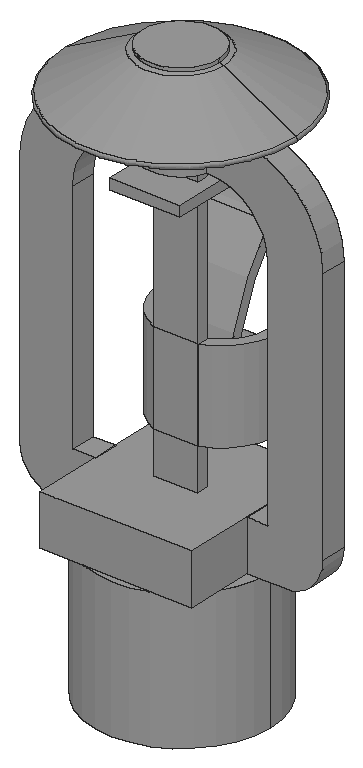
Revit family
Parameters (values of type "RASCO G CONVENTIONAL")
  Temperature Rating = 212 °F
  Response = (empty or 0)
  RASCO SIN # = "R1075"
  RASCO Part # = "GC2B"
  Pressure Rating = "175 PSI"
  Pressure Class = (empty or 0)
  Orifice Size = 1/2"
  Orifice = (empty or 0)
  Model = "G"
  Manufacturer = "RASCO"
  K-Factor = 5.62
  Description = "Bronze Finish"
  Coverage = (empty or 0)
Reference planes (in)
  plane 1 "Center (Front/Back)": y = 0
  plane 2: z = 0
  plane 3 "Center (Left/Right)": x = 0
Dimensions and locks (in)
  aligned and locked: plane 2 to level
Nested families (in)
  nested 1: "GC2B" at (0, 0, 0), type "RASCO G CONVENTIONAL"
Connectors (in)
  piping at (0, 0, 0)
    settings: on nested 1, index 1, connector radius 0.43", flow factor 0, pipe flow 0 GPM, pressure drop 0.00 psi, fitting loss kfactor 0, connector angle 0.00°, fixture units 0, flow configuration 0, flow direction 0, fitting loss method 0, system type 7, connector reference index -1, connector utility 0, adjustable connector no, is connector primary yes, fitting loss table "", connector description ""
Definition of nested family "GC2B"
  Parameters (values of type "RASCO G CONVENTIONAL")
    Type Comments = ""
    Temperature Rating = 0 °F
    Response = (empty or 0)
    Pressure Rating = "0"
    Pressure Class = (empty or 0)
    Orifice Size = 0"
    Orifice = (empty or 0)
    Model = ""
    Manufacturer = ""
    K-Factor = 0
    Description = ""
    Coverage = (empty or 0)
    Assembly Code = ""
  Reference planes (in)
    plane 1 "Center (Front/Back)": y = 0
    plane 2: z = 0
    plane 3 "ref.2": z = 0.6875
    plane 4 "ref.3": z = 0.9375
    plane 5: x = -0.38065
    plane 6: x = 0.36935
    plane 7 "ref. side 1": y = 0.06402
    plane 8 "ref. side 2": y = -0.06098
    plane 9 "ref.4": z = 1.875
    plane 10 "ref.5": z = 2.875
    plane 11 "center": x = -0.00574
  Forms (in)
    Extrusion 1, solid, material "Default"
      sketch origin (0, 0, 0) x (1, 0, 0) y (0, 1, 0)
        loop
          circle (0, 0) r 0.438
      from 0 to 0.6875
    Extrusion 2, solid, material "Default"
      sketch origin (-0.12185, 0.05177, 0.6875) x (1, 0, 0) y (0, 1, 0)
        loop
          line (-0.2588, 0.356) -> (-0.2588, -0.4565) -> (0.4912, -0.4565) -> (0.4912, 0.356) -> (-0.2588, 0.356)
      from 0 to 0.25
    Extrusion 3, solid, material "Default"
      sketch origin (0, 0, 0) x (1, 0, 0) y (0, 0, 1)
        loop
          line (-0.49248, 0.9375) -> (-0.49248, 2.10276)
          arc (-0.49248, 2.10276) -> (-0.40724, 2.30855) -> (-0.20145, 2.39379) r 0.29103
          line (-0.20145, 2.39379) -> (0.18108, 2.39379)
          arc (0.18108, 2.39379) -> (0.38905, 2.30765) -> (0.47519, 2.09969) r 0.29411
          line (0.47519, 2.09969) -> (0.47519, 0.9375) -> (0.36935, 0.9375) -> (0.36935, 0.6875) -> (0.55741, 0.6875)
          arc (0.55741, 0.6875) -> (0.69165, 0.7431) -> (0.74725, 0.87734) r 0.18984
          line (0.74725, 0.87734) -> (0.74725, 2.14825)
          arc (0.74725, 2.14825) -> (0.61669, 2.46344) -> (0.3015, 2.594) r 0.44574
          line (0.3015, 2.594) -> (-0.30719, 2.594)
          arc (-0.30719, 2.594) -> (-0.62225, 2.46349) -> (-0.75275, 2.14843) r 0.44556
          line (-0.75275, 2.14843) -> (-0.75275, 0.87876)
          arc (-0.75275, 0.87876) -> (-0.69673, 0.74352) -> (-0.56149, 0.6875) r 0.19126
          line (-0.56149, 0.6875) -> (-0.38065, 0.6875) -> (-0.38065, 0.9375) -> (-0.49248, 0.9375)
      from -0.06402 to 0.06098
    Extrusion 4, solid, material "Default"
      sketch origin (-0.00199, 0, 2.4375) x (-1, 0, 0) y (0, -1, 0)
        loop
          circle (0.00574, -0.00152) r 0.1875
      from -0.04371 to 0.4375
    Revolve 5, solid, material "Default"
      sketch origin (-0.0011, 0, 0.30638) x (1, 0, 0) y (0, 0, 1)
        loop
          line (-0.00574, 2.33367) -> (-0.00574, 2.55423) -> (-0.18796, 2.55423)
          arc (-0.18796, 2.55423) -> (-0.20324, 2.55235) -> (-0.21761, 2.54682) r 0.06306
          line (-0.21761, 2.54682) -> (-0.57397, 2.35694)
          arc (-0.57397, 2.35694) -> (-0.58015, 2.34304) -> (-0.56815, 2.33367) r 0.01236
          line (-0.56815, 2.33367) -> (-0.00574, 2.33367)
        axis (-0.00574, 2.33367) -> (-0.00574, 2.55423)
      angle from 0 to 360
    Extrusion 6, solid, material "Default"
      sketch origin (0, 0, 0.9375) x (-1, 0, 0) y (0, -1, 0)
        loop
          line (-0.10175, -0.02852) -> (0.11324, -0.02852) -> (0.11324, 0.03101) -> (-0.10175, 0.03101) -> (-0.10175, -0.02852)
      from 0 to 1.45629
    Extrusion 7, solid, material "Default"
      sketch origin (-0.00574, -0.0095, -0.07537) x (0, 0, -1) y (0, -1, 0)
        loop
          line (-2.39379, 0.21198) -> (-2.39379, -0.229)
          arc (-2.39379, -0.229) -> (-2.26956, -0.41579) -> (-2.04926, -0.37342) r 0.20254
          arc (-2.04926, -0.37342) -> (-1.6599, -0.16721) -> (-1.22163, -0.12207) r 1.15319
          line (-1.22163, -0.12207) -> (-1.22163, -0.07087)
          arc (-1.22163, -0.07087) -> (-1.6782, -0.11947) -> (-2.0834, -0.33544) r 1.20419
          arc (-2.0834, -0.33544) -> (-2.24878, -0.36919) -> (-2.34279, -0.229) r 0.15154
          line (-2.34279, -0.229) -> (-2.34279, 0.21198) -> (-2.39379, 0.21198)
      from -0.17255 to 0.17398
    Extrusion 8, solid, material "Default"
      sketch origin (0, 0, 0) x (1, 0, 0) y (0, 1, 0)
        loop
          arc (0.23993, 0.23051) -> (0.19768, 0.11115) -> (0.10175, 0.02852) r 0.24647
          line (0.10175, 0.02852) -> (-0.11324, 0.02852)
          arc (-0.11324, 0.02852) -> (-0.21767, 0.12447) -> (-0.25194, 0.2621) r 0.24647
          line (-0.25194, 0.2621) -> (-0.25194, 0.40777) -> (-0.30719, 0.40777) -> (-0.30719, 0.25942)
          arc (-0.30719, 0.25942) -> (-0.25653, 0.08328) -> (-0.11324, -0.03101) r 0.30157
          line (-0.11324, -0.03101) -> (0.10175, -0.03101)
          arc (0.10175, -0.03101) -> (0.24461, 0.08262) -> (0.29574, 0.25785) r 0.30157
          line (0.29574, 0.25785) -> (0.29574, 0.40777) -> (0.23993, 0.40777) -> (0.23993, 0.23051)
      from 1.14626 to 1.59756
    Extrusion 9, solid, material "Default"
      sketch origin (-0.00574, -0.0095, -0.07537) x (0, 0, -1) y (0, -1, 0)
        loop
          circle (-1.44728, -0.26892) r 0.13147
      from -0.24568 to 0.24619
  Cuts and joins
    joined: Extrusion 1, Extrusion 2, Revolve 5
  Dimensions and locks (in)
    plane 10 "ref.5" to level = 2.875"
